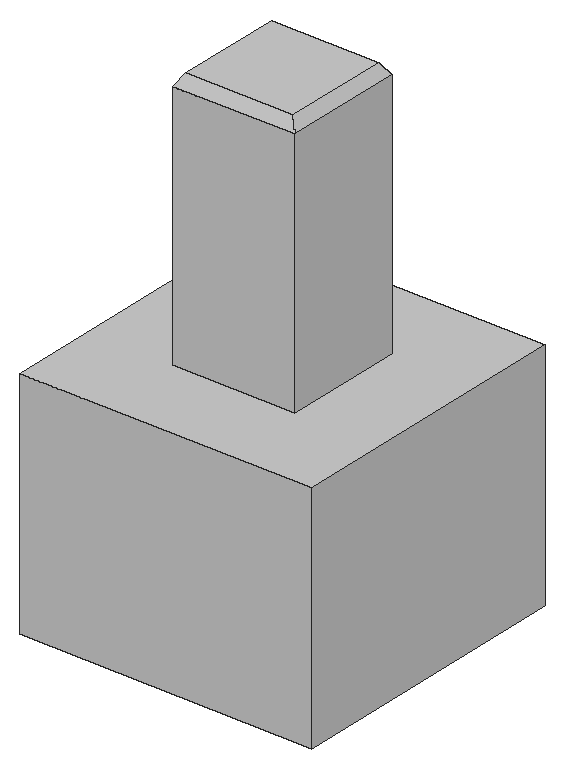
Revit family "Bloco_Pilar", category Structural Foundations, Revit 2024
Family settings
  Material for Model Behavior = Concrete
  Cap = No
  OmniClass Number = 23.25.05.17
  OmniClass Title = Shallow Foundations
  Work Plane-Based = No
  Always vertical = Yes
  Cut with Voids When Loaded = No
  Shared = Yes
  Show family pre-cut in plan views = Yes
Parameters (values of type "Base Pilar")
  Width = 1250 mm
  Structural Material = Concreto_Fundação
  Material_Nivelamento = Concreto_Nivelação
  Length = 1250 mm
  Largura_PlacaBase = 460 mm
  Foundation Thickness = 1000 mm
  Dim_Pilar = 520 mm
  Cost = 50
  Assembly Code = ""
  AlturaPilar = 1070 mm
  AlturaAssentamento = 50 mm
  Alt_Assent [instance] = if(AlturaAssentamento < 50 mm, 50 mm, AlturaAssentamento)  # 50 mm
Types (2, lengths in mm): name | Structural Material
  Base Pilar | Concreto_Fundação
  B2 | Concrete, Cast-in-Place gray
Reference planes
  plane 1 "Center (Front/Back)": y = 0
  plane 2: z = 0
  plane 3 "Center (Left/Right)": x = 0
  plane 4: x = -625
  plane 5: x = 625
  plane 6: y = 625
  plane 7: y = -625
  plane 8: y = 230
  plane 9: y = -230
  plane 10: x = -230
  plane 11: x = 230
  plane 12 "TopoBloco": z = -1120
  plane 13 "TopoToco": z = -50
  plane 14: x = -260
  plane 15: x = 260
  plane 16: y = -260
  plane 17: y = 260
Forms (mm)
  Extrusion 1, solid, material "Concreto_Fundação" <- "Structural Material"
    sketch origin (0, 0, 0) x (1, 0, 0) y (0, 1, 0)
      loop
        line (-625, 625) -> (-625, -625) -> (625, -625) -> (625, 625) -> (-625, 625)
    from -2120 to -1120
  Extrusion 2, solid, material "Concreto_Fundação" <- "Structural Material"
    sketch origin (0, 0, 0) x (1, 0, 0) y (0, 1, 0)
      loop
        line (-260, 260) -> (-260, -260) -> (260, -260) -> (260, 260) -> (-260, 260)
    from -1120 to -50
  Blend 3, solid, material "Concreto_Nivelação" <- "Material_Nivelamento"
    base sketch origin (0, 0, 0) x (1, 0, 0) y (0, 1, 0)
      loop
        line (-230, 230) -> (-230, -230) -> (230, -230) -> (230, 230) -> (-230, 230)
    top sketch origin (0, 0, 0) x (1, 0, 0) y (0, 1, 0)
      loop
        line (-260, 260) -> (-260, -260) -> (260, -260) -> (260, 260) -> (-260, 260)
    from 0 to -50
Cuts and joins
  joined: Extrusion 1, Extrusion 2
Dimensions and locks
  "Foundation Thickness": plane 12 "TopoBloco" to Extrusion 1
  "Width": plane 4 to plane 5
  "Length": plane 6 to plane 7
  equal spacing: plane 6, plane 1 "Center (Front/Back)", plane 7
  equal spacing: plane 4, plane 3 "Center (Left/Right)", plane 5
  equal spacing: plane 10, plane 3 "Center (Left/Right)", plane 11
  equal spacing: plane 8, plane 1 "Center (Front/Back)", plane 9
  "Alt_Assent": level to plane 13 "TopoToco"
  "AlturaPilar": plane 13 "TopoToco" to plane 12 "TopoBloco"
  equal spacing: plane 14, plane 3 "Center (Left/Right)", plane 15
  equal spacing: plane 17, plane 1 "Center (Front/Back)", plane 16
  "Dim_Pilar": plane 14 to plane 15
  "Dim_Pilar": plane 17 to plane 16
  "Largura_PlacaBase": plane 10 to plane 11
  "Largura_PlacaBase": plane 8 to plane 9
  aligned and locked: plane 4 to Extrusion 1 sketch curve
  aligned and locked: Extrusion 1 sketch curve to plane 5
  aligned and locked: Extrusion 1 sketch curve to plane 6
  aligned and locked: plane 7 to Extrusion 1 sketch curve
  aligned and locked: plane 12 "TopoBloco" to Extrusion 1
  aligned and locked: Extrusion 2 to Extrusion 1
  aligned and locked: plane 13 "TopoToco" to cut or joined group of Extrusion 1, Extrusion 2
  aligned and locked: Blend 3 sketch curve to plane 17
  aligned and locked: Blend 3 sketch curve to plane 14
  aligned and locked: Blend 3 sketch curve to plane 16
  aligned and locked: Blend 3 sketch curve to plane 15
  aligned and locked: Blend 3 to cut or joined group of Extrusion 1, Extrusion 2
  aligned and locked: level to Blend 3
  aligned and locked: Extrusion 2 sketch curve to plane 17
  aligned and locked: Extrusion 2 sketch curve to plane 14
  aligned and locked: Extrusion 2 sketch curve to plane 16
  aligned and locked: Extrusion 2 sketch curve to plane 15
Automatic sketch dimensions
  Blend 3 sketch curve to plane 9 = 0 mm
  Blend 3 sketch curve to plane 10 = 0 mm
  Blend 3 sketch curve to plane 11 = 0 mm
  Blend 3 sketch curve to plane 8 = 0 mm
